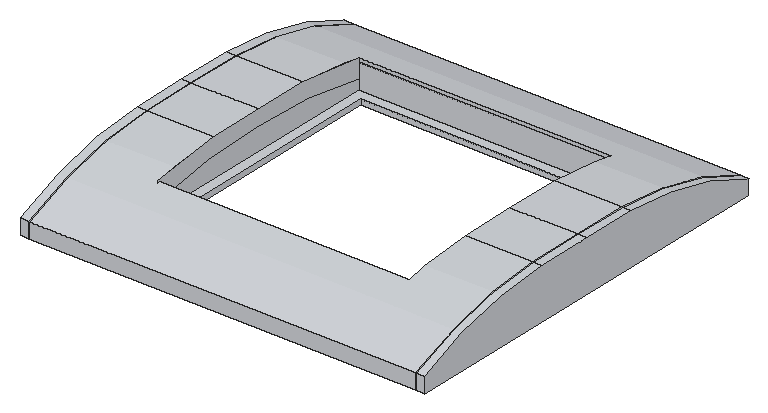
Revit family "Gira_100213", category Electrical Fixtures, host Face, Revit 2017
Family settings
  Host = Face
  Maintain Annotation Orientation = No
  Round Connector Dimension = Use Diameter
  Part Type = Normal
  Cut with Voids When Loaded = No
  Shared = No
  Room Calculation Point = No
Parameters (values of type "Abdeckrahmen 2f o.M. Zwischenr. AN Gira Event Opak Dklbraun")
  Werkstoffgüte = "Thermoplast"
  Werkstoff = "Kunststoff"
  URL = "http://katalog.gira.de/de_DE/datenblatt.html?artikelnr=100213"
  Transparent = "No"
  Textfeld/Beschriftungsfläche = "No"
  Schutzart (IP) = "IP20"
  Region = "DE"
  Oberfläche = "sonstige"
  Name = "Abdeckrahmen 2f o.M. Zwischenr. AN Gira Event Opak Dklbraun"
  Montagerichtung = "horizontal und vertikal"
  Mit Montagerahmen = "No"
  Mit Klappdeckel = "No"
  Manufacturer URL = "https://www.gira.de/"
  Keynote = "Event_Rahmen_2fach o.Mittelsteg"
  HeinzeBIM = "https://bimportal.heinze.de/bim/abdeckrahmen-2f-o-m-zwischenr-an-gira-event-opak-dklbraun/c50de7bd685c5fb61efdd2f61169c3ebc1b62d2a"
  Halogenfrei = "Yes"
  HAN = "100213"
  Geeignet für Unterputz-Installation = "Yes"
  Geeignet für Unterflurkanaldose = "No"
  Geeignet für Geräteeinbaukanal = "No"
  Geeignet für Einbauinstallation = "No"
  GTIN = "4010337003373"
  Farbe = "braun"
  Default Elevation = 1219.2 mm
  Data sheet (1) = "https://katalog.gira.de/de_DE/download.html?artikelnr=100213"
  Category = "Abdeckrahmen"
  Befestigungsart = "Klemmbefestigung"
  Available = "Yes"
  Anzahl der Einheiten vertikal = "2 "
  Anzahl der Einheiten horizontal = "2 "
  Anzahl der Einheiten = "2 "
Reference planes
  plane 1 "Center (Front/Back)": y = 0
  plane 2: z = 0
  plane 3 "Center (Left/Right)": x = 0
Forms (mm)
  Extrusion 1, solid, detail levels fine
    sketch origin (0, 0, 1.55) x (0, 1, 0) y (0, 0, 1)
      loop
        arc (12.445, 9.683) -> (6.223, 9.833) -> (0, 9.85) r 291.636
        arc (0, 9.85) -> (-6.223, 9.833) -> (-12.445, 9.683) r 291.636
        arc (-12.445, 9.683) -> (-29.14, 7.482) -> (-45, 1.823) r 79.728
        line (-45, 1.823) -> (-45, -1.55) -> (-41.777, -1.55) -> (-41.777, -0.55)
        arc (-41.777, -0.55) -> (-21.205, 4.846) -> (0, 6.467) r 118.15
        arc (0, 6.467) -> (21.205, 4.846) -> (41.777, -0.55) r 118.15
        line (41.777, -0.55) -> (41.777, -1.55) -> (45, -1.55) -> (45, 1.823)
        arc (45, 1.823) -> (29.14, 7.482) -> (12.445, 9.683) r 79.728
    from -43 to 43
  Extrusion 2, void, detail levels fine
    sketch origin (0, 0, 0) x (1, 0, 0) y (0, 1, 0)
      loop
        line (-28, -28) -> (28, -28) -> (28, 28) -> (-28, 28) -> (-28, -28)
    from 2.85 to 12
  Extrusion 3, solid, detail levels coarse
    sketch origin (0, 0, 0) x (1, 0, 0) y (0, 1, 0)
      loop
        line (-45, 45) -> (-45, -45) -> (45, -45) -> (45, 45) -> (-45, 45)
    from 0 to 11.4
  Extrusion 4, solid, detail levels medium
    sketch origin (0, 0, 1.55) x (0, 1, 0) y (0, 0, 1)
      loop
        arc (12.445, 9.683) -> (6.223, 9.833) -> (0, 9.85) r 291.636
        arc (0, 9.85) -> (-6.223, 9.833) -> (-12.445, 9.683) r 291.636
        arc (-12.445, 9.683) -> (-29.14, 7.482) -> (-45, 1.823) r 79.728
        line (-45, 1.823) -> (-45, -1.55) -> (45, -1.55) -> (45, 1.823)
        arc (45, 1.823) -> (29.14, 7.482) -> (12.445, 9.683) r 79.728
    from -45 to 45
  Extrusion 5, solid, detail levels fine
    sketch origin (0, 0, 0) x (0, 1, 0) y (0, 0, 1)
      loop
        arc (45, 3.373) -> (29.14, 9.032) -> (12.445, 11.233) r 79.728
        arc (12.445, 11.233) -> (6.223, 11.383) -> (0, 11.4) r 291.636
        arc (0, 11.4) -> (-6.223, 11.383) -> (-12.445, 11.233) r 291.636
        arc (-12.445, 11.233) -> (-29.14, 9.032) -> (-45, 3.373) r 79.728
        line (-45, 3.373) -> (-45, 0) -> (45, 0) -> (45, 3.373)
    from 43 to 45
  Extrusion 6, solid, detail levels fine
    sketch origin (0, 0, 0) x (0, 1, 0) y (0, 0, -1)
      loop
        line (45, -3.373) -> (45, 0) -> (-45, 0) -> (-45, -3.373)
        arc (-45, -3.373) -> (-29.14, -9.032) -> (-12.445, -11.233) r 79.728
        arc (-12.445, -11.233) -> (-6.223, -11.383) -> (0, -11.4) r 291.636
        arc (0, -11.4) -> (6.223, -11.383) -> (12.445, -11.233) r 291.636
        arc (12.445, -11.233) -> (29.14, -9.032) -> (45, -3.373) r 79.728
    from 43 to 45
  Extrusion 7, solid, detail levels fine
    sketch origin (0, 0, 0) x (1, 0, 0) y (0, 1, 0)
      loop
        line (-25.7, 25.7) -> (-25.7, -25.7) -> (25.7, -25.7) -> (25.7, 25.7) -> (-25.7, 25.7)
      loop
        line (-29.495, 27.895) -> (-29.495, -27.895)
        spline (-29.495, -27.895) -> (-29.486, -28.025) -> (-29.461, -28.154) -> (-29.419, -28.278) -> (-29.361, -28.395) -> (-29.288, -28.504) -> (-29.202, -28.602) -> (-29.104, -28.688) -> (-28.995, -28.761) -> (-28.878, -28.819) -> (-28.754, -28.861) -> (-28.625, -28.886) -> (-28.495, -28.895)
        line (-28.495, -28.895) -> (28.495, -28.895)
        spline (28.495, -28.895) -> (28.625, -28.886) -> (28.754, -28.861) -> (28.878, -28.819) -> (28.995, -28.761) -> (29.104, -28.688) -> (29.202, -28.602) -> (29.288, -28.504) -> (29.361, -28.395) -> (29.419, -28.278) -> (29.461, -28.154) -> (29.486, -28.025) -> (29.495, -27.895)
        line (29.495, -27.895) -> (29.495, 27.895)
        spline (29.495, 27.895) -> (29.486, 28.025) -> (29.461, 28.154) -> (29.419, 28.278) -> (29.361, 28.395) -> (29.288, 28.504) -> (29.202, 28.602) -> (29.104, 28.688) -> (28.995, 28.761) -> (28.878, 28.819) -> (28.754, 28.861) -> (28.625, 28.886) -> (28.495, 28.895)
        line (28.495, 28.895) -> (-28.495, 28.895)
        spline (-28.495, 28.895) -> (-28.625, 28.886) -> (-28.754, 28.861) -> (-28.878, 28.819) -> (-28.995, 28.761) -> (-29.104, 28.688) -> (-29.202, 28.602) -> (-29.288, 28.504) -> (-29.361, 28.395) -> (-29.419, 28.278) -> (-29.461, 28.154) -> (-29.486, 28.025) -> (-29.495, 27.895)
    from 1.673 to 8.5
Cuts and joins
  Extrusion 2 cuts Extrusion 1
  Extrusion 2 cuts Extrusion 7
Dimensions and locks
  aligned and locked: plane 2 to host face
  aligned and locked: level to host face
